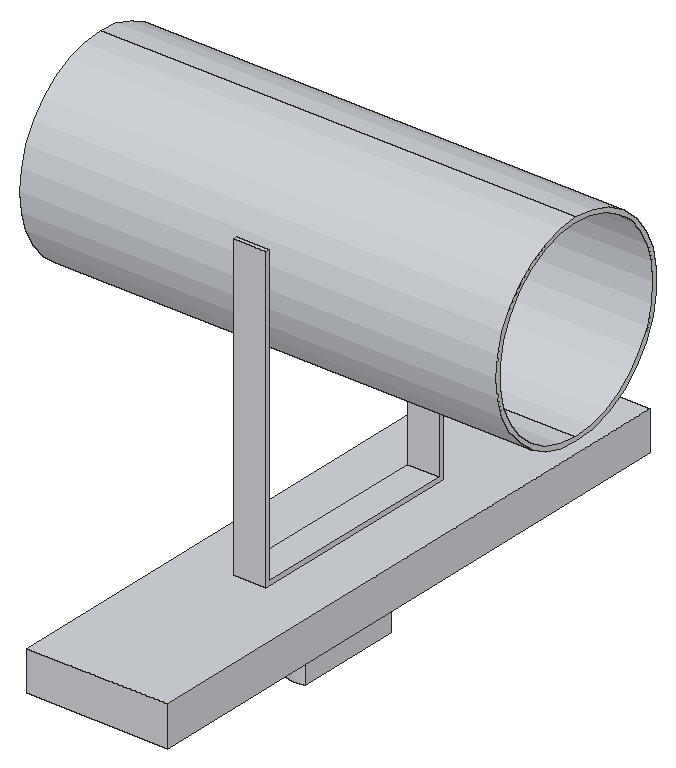
Revit family "EURS_63_LF_FB_ST321S", category Lighting Fixtures, host Face, Revit 2018 (continued)
Definition of nested family "ST321S IES Data"
  Types (216, lengths in mm): name | Wattage | built-in parameter 1150134 | Photometric Web File | built-in parameter 1150105 | Lumens | Lamp | built-in parameter 1150107 | built-in parameter 1150106 | built-in parameter 1150104 | Apparent Load
    1 xLED27S_CH HMB | 19 W | (empty or 0) | "ST321S 1 xLED27S_CH HMB.ies" | 206.9 (stored number, unit not read) | 2600 lm | "LED27S/CH/-" | 3000 (stored number, unit not read) | 2.069 (stored number, unit not read) | 12.713 (stored number, unit not read) | 19 VA
    1 xLED27S_840 WB | 23.5 W | 12 | "ST321S 1 xLED27S_840 WB.ies" | 238.73 (stored number, unit not read) | 3000 lm | "LED27S/840/-" | 4000 (stored number, unit not read) | 2.3873 (stored number, unit not read) | 11.86 (stored number, unit not read) | 23.5 VA
    1 xLED27S_840 OVL-V | 23.5 W | 12 | "ST321S 1 xLED27S_840 OVL-V.ies" | 222.82 (stored number, unit not read) | 2800 lm | "LED27S/840/-" | 4000 (stored number, unit not read) | 2.2282 (stored number, unit not read) | 11.069 (stored number, unit not read) | 23.5 VA
    1 xLED27S_840 OVL-H | 23.5 W | 12 | "ST321S 1 xLED27S_840 OVL-H.ies" | 222.82 (stored number, unit not read) | 2800 lm | "LED27S/840/-" | 4000 (stored number, unit not read) | 2.2282 (stored number, unit not read) | 11.069 (stored number, unit not read) | 23.5 VA
    1 xLED27S_840 HWB | 19 W | 12 | "ST321S 1 xLED27S_840 HWB.ies" | 222.82 (stored number, unit not read) | 2800 lm | "LED27S/840/-" | 4000 (stored number, unit not read) | 2.2282 (stored number, unit not read) | 13.691 (stored number, unit not read) | 19 VA
    1 xLED27S_840 HVWB | 19 W | 12 | "ST321S 1 xLED27S_840 HVWB.ies" | 222.82 (stored number, unit not read) | 2800 lm | "LED27S/840/-" | 4000 (stored number, unit not read) | 2.2282 (stored number, unit not read) | 13.691 (stored number, unit not read) | 19 VA
    1 xLED27S_840 HOVL-V | 23.5 W | 12 | "ST321S 1 xLED27S_840 HOVL-V.ies" | 206.9 (stored number, unit not read) | 2600 lm | "LED27S/840/-" | 4000 (stored number, unit not read) | 2.069 (stored number, unit not read) | 10.279 (stored number, unit not read) | 23.5 VA
    1 xLED27S_840 HOVL-H | 23.5 W | 12 | "ST321S 1 xLED27S_840 HOVL-H.ies" | 206.9 (stored number, unit not read) | 2600 lm | "LED27S/840/-" | 4000 (stored number, unit not read) | 2.069 (stored number, unit not read) | 10.279 (stored number, unit not read) | 23.5 VA
    1 xLED27S_840 HMB | 19 W | 12 | "ST321S 1 xLED27S_840 HMB.ies" | 222.82 (stored number, unit not read) | 2800 lm | "LED27S/840/-" | 4000 (stored number, unit not read) | 2.2282 (stored number, unit not read) | 13.691 (stored number, unit not read) | 19 VA
    1 xLED27S_830 WB | 23.5 W | (empty or 0) | "ST321S 1 xLED27S_830 WB.ies" | 230.77 (stored number, unit not read) | 2900 lm | "LED27S/830/-" | 3000 (stored number, unit not read) | 2.3077 (stored number, unit not read) | 11.465 (stored number, unit not read) | 23.5 VA
    1 xLED27S_830 OVL-V | 23.5 W | (empty or 0) | "ST321S 1 xLED27S_830 OVL-V.ies" | 206.9 (stored number, unit not read) | 2600 lm | "LED27S/830/-" | 3000 (stored number, unit not read) | 2.069 (stored number, unit not read) | 10.279 (stored number, unit not read) | 23.5 VA
    1 xLED27S_830 OVL-H | 23.5 W | (empty or 0) | "ST321S 1 xLED27S_830 OVL-H.ies" | 206.9 (stored number, unit not read) | 2600 lm | "LED27S/830/-" | 3000 (stored number, unit not read) | 2.069 (stored number, unit not read) | 10.279 (stored number, unit not read) | 23.5 VA
    1 xLED27S_830 HWB | 19 W | (empty or 0) | "ST321S 1 xLED27S_830 HWB.ies" | 214.86 (stored number, unit not read) | 2700 lm | "LED27S/830/-" | 3000 (stored number, unit not read) | 2.1486 (stored number, unit not read) | 13.202 (stored number, unit not read) | 19 VA
    1 xLED27S_830 HVWB | 19 W | (empty or 0) | "ST321S 1 xLED27S_830 HVWB.ies" | 214.86 (stored number, unit not read) | 2700 lm | "LED27S/830/-" | 3000 (stored number, unit not read) | 2.1486 (stored number, unit not read) | 13.202 (stored number, unit not read) | 19 VA
    1 xLED27S_830 HOVL-V | 23.5 W | (empty or 0) | "ST321S 1 xLED27S_830 HOVL-V.ies" | 198.94 (stored number, unit not read) | 2500 lm | "LED27S/830/-" | 3000 (stored number, unit not read) | 1.9894 (stored number, unit not read) | 9.8833 (stored number, unit not read) | 23.5 VA
    1 xLED27S_830 HOVL-H | 23.5 W | (empty or 0) | "ST321S 1 xLED27S_830 HOVL-H.ies" | 198.94 (stored number, unit not read) | 2500 lm | "LED27S/830/-" | 3000 (stored number, unit not read) | 1.9894 (stored number, unit not read) | 9.8833 (stored number, unit not read) | 23.5 VA
    1 xLED27S_830 HMB | 19 W | (empty or 0) | "ST321S 1 xLED27S_830 HMB.ies" | 214.86 (stored number, unit not read) | 2700 lm | "LED27S/830/-" | 3000 (stored number, unit not read) | 2.1486 (stored number, unit not read) | 13.202 (stored number, unit not read) | 19 VA
    1 xLED27S_827 WB | 23.5 W | (empty or 0) | "ST321S 1 xLED27S_827 WB.ies" | 214.86 (stored number, unit not read) | 2700 lm | "LED27S/827/-" | 2700 (stored number, unit not read) | 2.1486 (stored number, unit not read) | 10.674 (stored number, unit not read) | 23.5 VA
    1 xLED27S_827 OVL-V | 23.5 W | (empty or 0) | "ST321S 1 xLED27S_827 OVL-V.ies" | 198.94 (stored number, unit not read) | 2500 lm | "LED27S/827/-" | 2700 (stored number, unit not read) | 1.9894 (stored number, unit not read) | 9.8833 (stored number, unit not read) | 23.5 VA
    1 xLED27S_827 OVL-H | 23.5 W | (empty or 0) | "ST321S 1 xLED27S_827 OVL-H.ies" | 198.94 (stored number, unit not read) | 2500 lm | "LED27S/827/-" | 2700 (stored number, unit not read) | 1.9894 (stored number, unit not read) | 9.8833 (stored number, unit not read) | 23.5 VA
    1 xLED27S_827 HWB | 19 W | (empty or 0) | "ST321S 1 xLED27S_827 HWB.ies" | 206.9 (stored number, unit not read) | 2600 lm | "LED27S/827/-" | 2700 (stored number, unit not read) | 2.069 (stored number, unit not read) | 12.713 (stored number, unit not read) | 19 VA
    1 xLED27S_827 HVWB | 19 W | (empty or 0) | "ST321S 1 xLED27S_827 HVWB.ies" | 206.9 (stored number, unit not read) | 2600 lm | "LED27S/827/-" | 2700 (stored number, unit not read) | 2.069 (stored number, unit not read) | 12.713 (stored number, unit not read) | 19 VA
    1 xLED27S_827 HOVL-V | 23.5 W | (empty or 0) | "ST321S 1 xLED27S_827 HOVL-V.ies" | 190.99 (stored number, unit not read) | 2400 lm | "LED27S/827/-" | 2700 (stored number, unit not read) | 1.9099 (stored number, unit not read) | 9.488 (stored number, unit not read) | 23.5 VA
    1 xLED27S_827 HOVL-H | 23.5 W | (empty or 0) | "ST321S 1 xLED27S_827 HOVL-H.ies" | 190.99 (stored number, unit not read) | 2400 lm | "LED27S/827/-" | 2700 (stored number, unit not read) | 1.9099 (stored number, unit not read) | 9.488 (stored number, unit not read) | 23.5 VA
    1 xLED27S_827 HMB | 19 W | (empty or 0) | "ST321S 1 xLED27S_827 HMB.ies" | 206.9 (stored number, unit not read) | 2600 lm | "LED27S/827/-" | 2700 (stored number, unit not read) | 2.069 (stored number, unit not read) | 12.713 (stored number, unit not read) | 19 VA
    1 xLED20S_PW930 NB | 20.5 W | (empty or 0) | "ST321S 1 xLED20S_PW930 NB.ies" | 159.15 (stored number, unit not read) | 2000 lm | "LED20S/PW930/-" | 3000 (stored number, unit not read) | 1.5915 (stored number, unit not read) | 9.0637 (stored number, unit not read) | 20.5 VA
    1 xLED20S_PW930 HNB | 20.5 W | (empty or 0) | "ST321S 1 xLED20S_PW930 HNB.ies" | 159.15 (stored number, unit not read) | 2000 lm | "LED20S/PW930/-" | 3000 (stored number, unit not read) | 1.5915 (stored number, unit not read) | 9.0637 (stored number, unit not read) | 20.5 VA
    1 xLED20S_840 NB | 21 W | 12 | "ST321S 1 xLED20S_840 NB.ies" | 190.99 (stored number, unit not read) | 2400 lm | "LED20S/840/-" | 4000 (stored number, unit not read) | 1.9099 (stored number, unit not read) | 10.617 (stored number, unit not read) | 21 VA
    1 xLED20S_840 HNB | 21 W | 12 | "ST321S 1 xLED20S_840 HNB.ies" | 190.99 (stored number, unit not read) | 2400 lm | "LED20S/840/-" | 4000 (stored number, unit not read) | 1.9099 (stored number, unit not read) | 10.617 (stored number, unit not read) | 21 VA
    1 xLED20S_830 NB | 21 W | (empty or 0) | "ST321S 1 xLED20S_830 NB.ies" | 175.07 (stored number, unit not read) | 2200 lm | "LED20S/830/-" | 3000 (stored number, unit not read) | 1.7507 (stored number, unit not read) | 9.7327 (stored number, unit not read) | 21 VA
    1 xLED20S_830 HNB | 21 W | (empty or 0) | "ST321S 1 xLED20S_830 HNB.ies" | 183.03 (stored number, unit not read) | 2300 lm | "LED20S/830/-" | 3000 (stored number, unit not read) | 1.8303 (stored number, unit not read) | 10.175 (stored number, unit not read) | 21 VA
    1 xLED20S_827 NB | 21 W | (empty or 0) | "ST321S 1 xLED20S_827 NB.ies" | 175.07 (stored number, unit not read) | 2200 lm | "LED20S/827/-" | 2700 (stored number, unit not read) | 1.7507 (stored number, unit not read) | 9.7327 (stored number, unit not read) | 21 VA
    1 xLED20S_827 HNB | 21 W | (empty or 0) | "ST321S 1 xLED20S_827 HNB.ies" | 175.07 (stored number, unit not read) | 2200 lm | "LED20S/827/-" | 2700 (stored number, unit not read) | 1.7507 (stored number, unit not read) | 9.7327 (stored number, unit not read) | 21 VA
    1 xLED19S_ROSE VWB | 19 W | (empty or 0) | "ST321S 1 xLED19S_ROSE VWB.ies" | 155.18 (stored number, unit not read) | 1950 lm | "LED19S/ROSE/-" | 3000 (stored number, unit not read) | 1.5518 (stored number, unit not read) | 9.5348 (stored number, unit not read) | 19 VA
    1 xLED19S_ROSE OVL-V | 19 W | (empty or 0) | "ST321S 1 xLED19S_ROSE OVL-V.ies" | 143.24 (stored number, unit not read) | 1800 lm | "LED19S/ROSE/-" | 3000 (stored number, unit not read) | 1.4324 (stored number, unit not read) | 8.8013 (stored number, unit not read) | 19 VA
    1 xLED19S_ROSE OVL-H | 19 W | (empty or 0) | "ST321S 1 xLED19S_ROSE OVL-H.ies" | 143.24 (stored number, unit not read) | 1800 lm | "LED19S/ROSE/-" | 3000 (stored number, unit not read) | 1.4324 (stored number, unit not read) | 8.8013 (stored number, unit not read) | 19 VA
    1 xLED19S_ROSE HWB | 19 W | (empty or 0) | "ST321S 1 xLED19S_ROSE HWB.ies" | 159.15 (stored number, unit not read) | 2000 lm | "LED19S/ROSE/-" | 3000 (stored number, unit not read) | 1.5915 (stored number, unit not read) | 9.7793 (stored number, unit not read) | 19 VA
    1 xLED19S_ROSE HVWB | 19 W | (empty or 0) | "ST321S 1 xLED19S_ROSE HVWB.ies" | 159.15 (stored number, unit not read) | 2000 lm | "LED19S/ROSE/-" | 3000 (stored number, unit not read) | 1.5915 (stored number, unit not read) | 9.7793 (stored number, unit not read) | 19 VA
    1 xLED19S_ROSE HOVL-V | 19 W | (empty or 0) | "ST321S 1 xLED19S_ROSE HOVL-V.ies" | 147.22 (stored number, unit not read) | 1850 lm | "LED19S/ROSE/-" | 3000 (stored number, unit not read) | 1.4722 (stored number, unit not read) | 9.0458 (stored number, unit not read) | 19 VA
    1 xLED19S_ROSE HOVL-H | 19 W | (empty or 0) | "ST321S 1 xLED19S_ROSE HOVL-H.ies" | 147.22 (stored number, unit not read) | 1850 lm | "LED19S/ROSE/-" | 3000 (stored number, unit not read) | 1.4722 (stored number, unit not read) | 9.0458 (stored number, unit not read) | 19 VA
    1 xLED19S_ROSE HMB | 19 W | (empty or 0) | "ST321S 1 xLED19S_ROSE HMB.ies" | 159.15 (stored number, unit not read) | 2000 lm | "LED19S/ROSE/-" | 3000 (stored number, unit not read) | 1.5915 (stored number, unit not read) | 9.7793 (stored number, unit not read) | 19 VA
    1 xLED19S_FMT OVL-V | 23 W | (empty or 0) | "ST321S 1 xLED19S_FMT OVL-V.ies" | 135.28 (stored number, unit not read) | 1700 lm | "LED19S/FMT/-" | 3000 (stored number, unit not read) | 1.3528 (stored number, unit not read) | 6.8667 (stored number, unit not read) | 23 VA
    1 xLED19S_FMT OVL-H | 23 W | (empty or 0) | "ST321S 1 xLED19S_FMT OVL-H.ies" | 135.28 (stored number, unit not read) | 1700 lm | "LED19S/FMT/-" | 3000 (stored number, unit not read) | 1.3528 (stored number, unit not read) | 6.8667 (stored number, unit not read) | 23 VA
    1 xLED19S_FMT MB | 23 W | (empty or 0) | "ST321S 1 xLED19S_FMT MB.ies" | 147.22 (stored number, unit not read) | 1850 lm | "LED19S/FMT/-" | 3000 (stored number, unit not read) | 1.4722 (stored number, unit not read) | 7.4726 (stored number, unit not read) | 23 VA
    1 xLED19S_FMT HWB | 23 W | (empty or 0) | "ST321S 1 xLED19S_FMT HWB.ies" | 151.2 (stored number, unit not read) | 1900 lm | "LED19S/FMT/-" | 3000 (stored number, unit not read) | 1.512 (stored number, unit not read) | 7.6746 (stored number, unit not read) | 23 VA
    1 xLED19S_FMT HVWB | 23 W | (empty or 0) | "ST321S 1 xLED19S_FMT HVWB.ies" | 151.2 (stored number, unit not read) | 1900 lm | "LED19S/FMT/-" | 3000 (stored number, unit not read) | 1.512 (stored number, unit not read) | 7.6746 (stored number, unit not read) | 23 VA
    1 xLED19S_FMT HOVL-V | 23 W | (empty or 0) | "ST321S 1 xLED19S_FMT HOVL-V.ies" | 139.26 (stored number, unit not read) | 1750 lm | "LED19S/FMT/-" | 3000 (stored number, unit not read) | 1.3926 (stored number, unit not read) | 7.0687 (stored number, unit not read) | 23 VA
    1 xLED19S_FMT HOVL-H | 23 W | (empty or 0) | "ST321S 1 xLED19S_FMT HOVL-H.ies" | 139.26 (stored number, unit not read) | 1750 lm | "LED19S/FMT/-" | 3000 (stored number, unit not read) | 1.3926 (stored number, unit not read) | 7.0687 (stored number, unit not read) | 23 VA
    1 xLED19S_FMT HMB | 23 W | (empty or 0) | "ST321S 1 xLED19S_FMT HMB.ies" | 151.2 (stored number, unit not read) | 1900 lm | "LED19S/FMT/-" | 3000 (stored number, unit not read) | 1.512 (stored number, unit not read) | 7.6746 (stored number, unit not read) | 23 VA
    1 xLED17S_PW930 WB | 13.6 W | (empty or 0) | "ST321S 1 xLED17S_PW930 WB.ies" | 139.26 (stored number, unit not read) | 1750 lm | "LED17S/PW930/-" | 3000 (stored number, unit not read) | 1.3926 (stored number, unit not read) | 11.954 (stored number, unit not read) | 13.6 VA
    1 xLED17S_PW930 OVL-V | 13.6 W | (empty or 0) | "ST321S 1 xLED17S_PW930 OVL-V.ies" | 127.32 (stored number, unit not read) | 1600 lm | "LED17S/PW930/-" | 3000 (stored number, unit not read) | 1.2732 (stored number, unit not read) | 10.93 (stored number, unit not read) | 13.6 VA
    1 xLED17S_PW930 OVL-H | 13.6 W | (empty or 0) | "ST321S 1 xLED17S_PW930 OVL-H.ies" | 127.32 (stored number, unit not read) | 1600 lm | "LED17S/PW930/-" | 3000 (stored number, unit not read) | 1.2732 (stored number, unit not read) | 10.93 (stored number, unit not read) | 13.6 VA
    1 xLED17S_PW930 HWB | 13.6 W | (empty or 0) | "ST321S 1 xLED17S_PW930 HWB.ies" | 143.24 (stored number, unit not read) | 1800 lm | "LED17S/PW930/-" | 3000 (stored number, unit not read) | 1.4324 (stored number, unit not read) | 12.296 (stored number, unit not read) | 13.6 VA
    1 xLED17S_PW930 HVWB | 13.6 W | (empty or 0) | "ST321S 1 xLED17S_PW930 HVWB.ies" | 143.24 (stored number, unit not read) | 1800 lm | "LED17S/PW930/-" | 3000 (stored number, unit not read) | 1.4324 (stored number, unit not read) | 12.296 (stored number, unit not read) | 13.6 VA
    1 xLED17S_PW930 HOVL-V | 13.6 W | (empty or 0) | "ST321S 1 xLED17S_PW930 HOVL-V.ies" | 131.3 (stored number, unit not read) | 1650 lm | "LED17S/PW930/-" | 3000 (stored number, unit not read) | 1.313 (stored number, unit not read) | 11.271 (stored number, unit not read) | 13.6 VA
    1 xLED17S_PW930 HOVL-H | 13.6 W | (empty or 0) | "ST321S 1 xLED17S_PW930 HOVL-H.ies" | 131.3 (stored number, unit not read) | 1650 lm | "LED17S/PW930/-" | 3000 (stored number, unit not read) | 1.313 (stored number, unit not read) | 11.271 (stored number, unit not read) | 13.6 VA
    1 xLED17S_PW930 HMB | 13.6 W | (empty or 0) | "ST321S 1 xLED17S_PW930 HMB.ies" | 143.24 (stored number, unit not read) | 1800 lm | "LED17S/PW930/-" | 3000 (stored number, unit not read) | 1.4324 (stored number, unit not read) | 12.296 (stored number, unit not read) | 13.6 VA
    1 xLED17S_CH WB | 13.6 W | (empty or 0) | "ST321S 1 xLED17S_CH WB.ies" | 139.26 (stored number, unit not read) | 1750 lm | "LED17S/CH/-" | 3000 (stored number, unit not read) | 1.3926 (stored number, unit not read) | 11.954 (stored number, unit not read) | 13.6 VA
    1 xLED17S_CH OVL-V | 13.6 W | (empty or 0) | "ST321S 1 xLED17S_CH OVL-V.ies" | 127.32 (stored number, unit not read) | 1600 lm | "LED17S/CH/-" | 3000 (stored number, unit not read) | 1.2732 (stored number, unit not read) | 10.93 (stored number, unit not read) | 13.6 VA
    1 xLED17S_CH OVL-H | 13.6 W | (empty or 0) | "ST321S 1 xLED17S_CH OVL-H.ies" | 127.32 (stored number, unit not read) | 1600 lm | "LED17S/CH/-" | 3000 (stored number, unit not read) | 1.2732 (stored number, unit not read) | 10.93 (stored number, unit not read) | 13.6 VA
    1 xLED17S_CH HWB | 13.6 W | (empty or 0) | "ST321S 1 xLED17S_CH HWB.ies" | 143.24 (stored number, unit not read) | 1800 lm | "LED17S/CH/-" | 3000 (stored number, unit not read) | 1.4324 (stored number, unit not read) | 12.296 (stored number, unit not read) | 13.6 VA
    1 xLED17S_CH HVWB | 13.6 W | (empty or 0) | "ST321S 1 xLED17S_CH HVWB.ies" | 143.24 (stored number, unit not read) | 1800 lm | "LED17S/CH/-" | 3000 (stored number, unit not read) | 1.4324 (stored number, unit not read) | 12.296 (stored number, unit not read) | 13.6 VA
    1 xLED17S_CH HOVL-V | 13.6 W | (empty or 0) | "ST321S 1 xLED17S_CH HOVL-V.ies" | 135.28 (stored number, unit not read) | 1700 lm | "LED17S/CH/-" | 3000 (stored number, unit not read) | 1.3528 (stored number, unit not read) | 11.613 (stored number, unit not read) | 13.6 VA
    1 xLED17S_CH HOVL-H | 13.6 W | (empty or 0) | "ST321S 1 xLED17S_CH HOVL-H.ies" | 135.28 (stored number, unit not read) | 1700 lm | "LED17S/CH/-" | 3000 (stored number, unit not read) | 1.3528 (stored number, unit not read) | 11.613 (stored number, unit not read) | 13.6 VA
    1 xLED17S_CH HMB | 13.6 W | (empty or 0) | "ST321S 1 xLED17S_CH HMB.ies" | 143.24 (stored number, unit not read) | 1800 lm | "LED17S/CH/-" | 3000 (stored number, unit not read) | 1.4324 (stored number, unit not read) | 12.296 (stored number, unit not read) | 13.6 VA
    1 xLED17S_840 WB | 13.6 W | 12 | "ST321S 1 xLED17S_840 WB.ies" | 151.2 (stored number, unit not read) | 1900 lm | "LED17S/840/-" | 4000 (stored number, unit not read) | 1.512 (stored number, unit not read) | 12.979 (stored number, unit not read) | 13.6 VA
    1 xLED17S_840 OVL-V | 13.6 W | 12 | "ST321S 1 xLED17S_840 OVL-V.ies" | 139.26 (stored number, unit not read) | 1750 lm | "LED17S/840/-" | 4000 (stored number, unit not read) | 1.3926 (stored number, unit not read) | 11.954 (stored number, unit not read) | 13.6 VA
    1 xLED17S_840 OVL-H | 13.6 W | 12 | "ST321S 1 xLED17S_840 OVL-H.ies" | 139.26 (stored number, unit not read) | 1750 lm | "LED17S/840/-" | 4000 (stored number, unit not read) | 1.3926 (stored number, unit not read) | 11.954 (stored number, unit not read) | 13.6 VA
    1 xLED17S_840 HWB | 13.6 W | 12 | "ST321S 1 xLED17S_840 HWB.ies" | 155.18 (stored number, unit not read) | 1950 lm | "LED17S/840/-" | 4000 (stored number, unit not read) | 1.5518 (stored number, unit not read) | 13.321 (stored number, unit not read) | 13.6 VA
    1 xLED17S_840 HVWB | 13.6 W | 12 | "ST321S 1 xLED17S_840 HVWB.ies" | 155.18 (stored number, unit not read) | 1950 lm | "LED17S/840/-" | 4000 (stored number, unit not read) | 1.5518 (stored number, unit not read) | 13.321 (stored number, unit not read) | 13.6 VA
    1 xLED17S_840 HOVL-V | 13.6 W | 12 | "ST321S 1 xLED17S_840 HOVL-V.ies" | 143.24 (stored number, unit not read) | 1800 lm | "LED17S/840/-" | 4000 (stored number, unit not read) | 1.4324 (stored number, unit not read) | 12.296 (stored number, unit not read) | 13.6 VA
    1 xLED17S_840 HOVL-H | 13.6 W | 12 | "ST321S 1 xLED17S_840 HOVL-H.ies" | 143.24 (stored number, unit not read) | 1800 lm | "LED17S/840/-" | 4000 (stored number, unit not read) | 1.4324 (stored number, unit not read) | 12.296 (stored number, unit not read) | 13.6 VA
    1 xLED17S_840 HMB | 13.6 W | 12 | "ST321S 1 xLED17S_840 HMB.ies" | 155.18 (stored number, unit not read) | 1950 lm | "LED17S/840/-" | 4000 (stored number, unit not read) | 1.5518 (stored number, unit not read) | 13.321 (stored number, unit not read) | 13.6 VA
    1 xLED17S_830 WB | 13.6 W | (empty or 0) | "ST321S 1 xLED17S_830 WB.ies" | 143.24 (stored number, unit not read) | 1800 lm | "LED17S/830/-" | 3000 (stored number, unit not read) | 1.4324 (stored number, unit not read) | 12.296 (stored number, unit not read) | 13.6 VA
    1 xLED17S_830 OVL-V | 13.6 W | (empty or 0) | "ST321S 1 xLED17S_830 OVL-V.ies" | 135.28 (stored number, unit not read) | 1700 lm | "LED17S/830/-" | 3000 (stored number, unit not read) | 1.3528 (stored number, unit not read) | 11.613 (stored number, unit not read) | 13.6 VA
    1 xLED17S_830 OVL-H | 13.6 W | (empty or 0) | "ST321S 1 xLED17S_830 OVL-H.ies" | 135.28 (stored number, unit not read) | 1700 lm | "LED17S/830/-" | 3000 (stored number, unit not read) | 1.3528 (stored number, unit not read) | 11.613 (stored number, unit not read) | 13.6 VA
    1 xLED17S_830 HWB | 13.6 W | (empty or 0) | "ST321S 1 xLED17S_830 HWB.ies" | 151.2 (stored number, unit not read) | 1900 lm | "LED17S/830/-" | 3000 (stored number, unit not read) | 1.512 (stored number, unit not read) | 12.979 (stored number, unit not read) | 13.6 VA
    1 xLED17S_830 HVWB | 13.6 W | (empty or 0) | "ST321S 1 xLED17S_830 HVWB.ies" | 151.2 (stored number, unit not read) | 1900 lm | "LED17S/830/-" | 3000 (stored number, unit not read) | 1.512 (stored number, unit not read) | 12.979 (stored number, unit not read) | 13.6 VA
    1 xLED17S_830 HOVL-V | 13.6 W | (empty or 0) | "ST321S 1 xLED17S_830 HOVL-V.ies" | 139.26 (stored number, unit not read) | 1750 lm | "LED17S/830/-" | 3000 (stored number, unit not read) | 1.3926 (stored number, unit not read) | 11.954 (stored number, unit not read) | 13.6 VA
    1 xLED17S_830 HOVL-H | 13.6 W | (empty or 0) | "ST321S 1 xLED17S_830 HOVL-H.ies" | 139.26 (stored number, unit not read) | 1750 lm | "LED17S/830/-" | 3000 (stored number, unit not read) | 1.3926 (stored number, unit not read) | 11.954 (stored number, unit not read) | 13.6 VA
    1 xLED17S_830 HMB | 13.6 W | (empty or 0) | "ST321S 1 xLED17S_830 HMB.ies" | 151.2 (stored number, unit not read) | 1900 lm | "LED17S/830/-" | 3000 (stored number, unit not read) | 1.512 (stored number, unit not read) | 12.979 (stored number, unit not read) | 13.6 VA
    1 xLED17S_827 WB | 13.6 W | (empty or 0) | "ST321S 1 xLED17S_827 WB.ies" | 139.26 (stored number, unit not read) | 1750 lm | "LED17S/827/-" | 2700 (stored number, unit not read) | 1.3926 (stored number, unit not read) | 11.954 (stored number, unit not read) | 13.6 VA
    1 xLED17S_827 OVL-V | 13.6 W | (empty or 0) | "ST321S 1 xLED17S_827 OVL-V.ies" | 127.32 (stored number, unit not read) | 1600 lm | "LED17S/827/-" | 2700 (stored number, unit not read) | 1.2732 (stored number, unit not read) | 10.93 (stored number, unit not read) | 13.6 VA
    1 xLED17S_827 OVL-H | 13.6 W | (empty or 0) | "ST321S 1 xLED17S_827 OVL-H.ies" | 127.32 (stored number, unit not read) | 1600 lm | "LED17S/827/-" | 2700 (stored number, unit not read) | 1.2732 (stored number, unit not read) | 10.93 (stored number, unit not read) | 13.6 VA
    1 xLED17S_827 HWB | 13.6 W | (empty or 0) | "ST321S 1 xLED17S_827 HWB.ies" | 143.24 (stored number, unit not read) | 1800 lm | "LED17S/827/-" | 2700 (stored number, unit not read) | 1.4324 (stored number, unit not read) | 12.296 (stored number, unit not read) | 13.6 VA
    1 xLED17S_827 HVWB | 13.6 W | (empty or 0) | "ST321S 1 xLED17S_827 HVWB.ies" | 143.24 (stored number, unit not read) | 1800 lm | "LED17S/827/-" | 2700 (stored number, unit not read) | 1.4324 (stored number, unit not read) | 12.296 (stored number, unit not read) | 13.6 VA
    1 xLED17S_827 HOVL-V | 13.6 W | (empty or 0) | "ST321S 1 xLED17S_827 HOVL-V.ies" | 135.28 (stored number, unit not read) | 1700 lm | "LED17S/827/-" | 2700 (stored number, unit not read) | 1.3528 (stored number, unit not read) | 11.613 (stored number, unit not read) | 13.6 VA
    1 xLED17S_827 HOVL-H | 13.6 W | (empty or 0) | "ST321S 1 xLED17S_827 HOVL-H.ies" | 135.28 (stored number, unit not read) | 1700 lm | "LED17S/827/-" | 2700 (stored number, unit not read) | 1.3528 (stored number, unit not read) | 11.613 (stored number, unit not read) | 13.6 VA
    1 xLED17S_827 HMB | 13.6 W | (empty or 0) | "ST321S 1 xLED17S_827 HMB.ies" | 143.24 (stored number, unit not read) | 1800 lm | "LED17S/827/-" | 2700 (stored number, unit not read) | 1.4324 (stored number, unit not read) | 12.296 (stored number, unit not read) | 13.6 VA
  Reference planes
    plane 1 "Center (Front/Back)": y = 0
    plane 2: z = 0
    plane 3 "Center (Left/Right)": x = 0
  Forms (mm)
    Extrusion 1, solid
      sketch origin (0, 0, 0) x (1, 0, 0) y (0, 1, 0)
        loop
          line (-1219.2, 1219.2) -> (-1219.2, -1219.2) -> (1219.2, -1219.2) -> (1219.2, 1219.2) -> (-1219.2, 1219.2)
      from 0 to 123.942
  Dimensions and locks
    aligned and locked: plane 2 to Extrusion 1
    aligned and locked: level to Extrusion 1
Definition of nested family "2D-PL-Rond + symbool + peil"
  Parameters (values of type "2D symbool")
    radius [instance] = Diameters / 2  # 125 mm
    Visibility 2D symbol = yes
    Rotation XY [instance] = 70.00°
    Diameters [instance] = 250 mm
    Description = "Armatuur symbool"
    Copyright © Cadac = "www.cadac.com/aec"
    Cadac content versie = ""
    Assembly Code = ""
  Reference planes
    plane 1 "Center (Front/Back)": y = 0
    plane 2: z = 0
    plane 3 "Center (Left/Right)": x = 0
  Lines and regions (mm)
    symbolic lines
      curve 1: circle (0, 0, 0) r 125 normal (0, 0, 1)
    reference lines
      curve 2: line (0, 0, 0) -> (114.577, 314.797, 0)
  Dimensions and locks
    locked: plane 3 "Center (Left/Right)" to nested 2 at 0
    "Diameters": diameter of curve 1
    "Rotation XY": angle plane 1 "Center (Front/Back)" to curve 2
    aligned and locked: plane 3 "Center (Left/Right)" to curve 2
    aligned and locked: plane 1 "Center (Front/Back)" to curve 2
    aligned and locked: nested 2 to curve 2
  Automatic sketch dimensions
    plane 1 "Center (Front/Back)" to curve 1 = 0 mm
    curve 1 to plane 3 "Center (Left/Right)" = 0 mm
  Nested families
    nested 1: "PL-opbouwarmatuur plafond rond" at (0, 0, 0), radius cirkel <- "radius", visible <- "Visibility 2D symbol", type "PL lichtpunt"
      with radius cirkel 125 mm, lengte symbool 162.5 mm, l1 140 mm, breedte symbool 150 mm, b1 52.5 mm, Diameters 250 mm
    nested 2: "2D-PL-peil" at (0, 0, 0) x (-0.342, -0.9397, 0) z (0, 0, 1), visible <- "Visibility 2D symbol", type "2D symbool"
  Definition of nested family "PL-opbouwarmatuur plafond rond"
    Parameters (values of type "PL lichtpunt")
      radius cirkel [instance] = 200 mm
      lengte symbool [instance] = 162.5 mm
      l1 [instance] = 140 mm
      breedte symbool [instance] = radius cirkel + 25 mm  # 225 mm
      b1 [instance] = 52.5 mm
      Diameters = 74 mm
      Description = "PL lichtpunt"
      Copyright © Cadac = "www.cadac.com/aec"
      Cadac content versie = "4.0"  # constant formula
      Assembly Code = ""
    Reference planes
      plane 1 "Center (Front/Back)": y = 0
      plane 2: z = 0
      plane 3 "Center (Left/Right)": x = 0
      plane 4: y = 112.5
      plane 5: y = -112.5
    Lines and regions (mm)
      symbolic lines
        curve 1: circle (0, 0, 0) r 200 normal (0, 0, 1)
        curve 2: line (-165.359, 112.5, 0) -> (165.359, -112.5, 0)
        curve 3: line (-165.359, -112.5, 0) -> (165.359, 112.5, 0)
    Dimensions and locks
      equal spacing: plane 4, plane 1 "Center (Front/Back)", plane 5
      "breedte symbool": plane 4 to plane 5
      "radius cirkel": radius of curve 1
      aligned and locked: plane 4 to curve 2
      aligned and locked: plane 4 to curve 3
      aligned and locked: plane 5 to curve 3
      aligned and locked: plane 5 to curve 2
    Automatic sketch dimensions
      plane 1 "Center (Front/Back)" to curve 1 = 0 mm
      curve 1 to plane 3 "Center (Left/Right)" = 0 mm
  Definition of nested family "2D-PL-peil"
    Parameters (values of type "2D symbool")
      lengte = 200 mm
      Type Comments = "GEEN CALCULATIEOBJECT"
      Peil lengte = 100 mm
      Manufacturer = ""
      Description = "Armatuur 2D symbool"
      Default Elevation = 1219.2 mm
      Copyright © Cadac = "www.cadac.com/aec"
      Cadac content versie = ""
      Assembly Code = ""
    Reference planes
      plane 1 "Center (Front/Back)": y = 0
      plane 2: z = 0
      plane 3 "Center (Left/Right)": x = 0
      plane 4: y = 150
      plane 5: y = -150
      plane 6: y = 176.777
      plane 7: x = -176.777
      plane 8: x = 176.777
      plane 9: y = -176.777
      plane 10: y = 400
      plane 11: y = -191.421
      plane 12: y = -206.066
      plane 13: y = -220.711
      plane 14: y = -235.355
    Lines and regions (mm)
      symbolic lines
        curve 1: line (-200, 0, 0) -> (0, 0, 0)
        curve 2: line (-200, 0, 0) -> (-121.849, 62.389, 0)
        curve 3: line (-200, 0, 0) -> (-121.849, -62.389, 0)
      reference lines
        curve 4: line (100, -50, 0) -> (-245, -50, 0)
    Dimensions and locks
      equal spacing: plane 5, plane 1 "Center (Front/Back)", plane 4
      locked: plane 4 to plane 5 at 300
      locked: plane 7 to plane 8 at 353.553
      locked: plane 6 to plane 9 at 353.553
      equal spacing: plane 7, plane 3 "Center (Left/Right)", plane 8
      equal spacing: plane 6, plane 1 "Center (Front/Back)", plane 9
      locked: plane 1 "Center (Front/Back)" to plane 10 at 400
      equal spacing: plane 9, plane 11, plane 12, plane 13, plane 14
      locked: plane 9 to plane 14 at 58.579
      "lengte": curve 1 to curve 1
      "Peil lengte": curve 2 to curve 2
      "Peil lengte": curve 3 to curve 3
    Automatic sketch dimensions
      curve 4 to plane 7 = 68.223 mm
      plane 1 "Center (Front/Back)" to curve 4 = 50 mm
      curve 4 to plane 8 = 76.777 mm
      plane 1 "Center (Front/Back)" to curve 3 = 0 mm
      curve 1 to plane 3 "Center (Left/Right)" = 0 mm
      plane 7 to curve 2 = 54.928 mm
      plane 7 to curve 3 = 54.928 mm
Definition of nested family "2D-PL-peil"
  Parameters (values of type "2D symbool")
    lengte = 200 mm
    Type Comments = "GEEN CALCULATIEOBJECT"
    Peil lengte = 100 mm
    Manufacturer = ""
    Description = "Armatuur 2D symbool"
    Default Elevation = 1219.2 mm
    Copyright © Cadac = "www.cadac.com/aec"
    Cadac content versie = ""
    Assembly Code = ""
  Reference planes
    plane 1 "Center (Front/Back)": y = 0
    plane 2: z = 0
    plane 3 "Center (Left/Right)": x = 0
    plane 4: y = 150
    plane 5: y = -150
    plane 6: y = 176.777
    plane 7: x = -176.777
    plane 8: x = 176.777
    plane 9: y = -176.777
    plane 10: y = 400
    plane 11: y = -191.421
    plane 12: y = -206.066
    plane 13: y = -220.711
    plane 14: y = -235.355
  Lines and regions (mm)
    symbolic lines
      curve 1: line (-200, 0, 0) -> (0, 0, 0)
      curve 2: line (-200, 0, 0) -> (-121.849, 62.389, 0)
      curve 3: line (-200, 0, 0) -> (-121.849, -62.389, 0)
    reference lines
      curve 4: line (100, -50, 0) -> (-245, -50, 0)
  Dimensions and locks
    equal spacing: plane 5, plane 1 "Center (Front/Back)", plane 4
    locked: plane 4 to plane 5 at 300
    locked: plane 7 to plane 8 at 353.553
    locked: plane 6 to plane 9 at 353.553
    equal spacing: plane 7, plane 3 "Center (Left/Right)", plane 8
    equal spacing: plane 6, plane 1 "Center (Front/Back)", plane 9
    locked: plane 1 "Center (Front/Back)" to plane 10 at 400
    equal spacing: plane 9, plane 11, plane 12, plane 13, plane 14
    locked: plane 9 to plane 14 at 58.579
    "lengte": curve 1 to curve 1
    "Peil lengte": curve 2 to curve 2
    "Peil lengte": curve 3 to curve 3
  Automatic sketch dimensions
    curve 4 to plane 7 = 68.223 mm
    plane 1 "Center (Front/Back)" to curve 4 = 50 mm
    curve 4 to plane 8 = 76.777 mm
    plane 1 "Center (Front/Back)" to curve 3 = 0 mm
    curve 1 to plane 3 "Center (Left/Right)" = 0 mm
    plane 7 to curve 2 = 54.928 mm
    plane 7 to curve 3 = 54.928 mm
